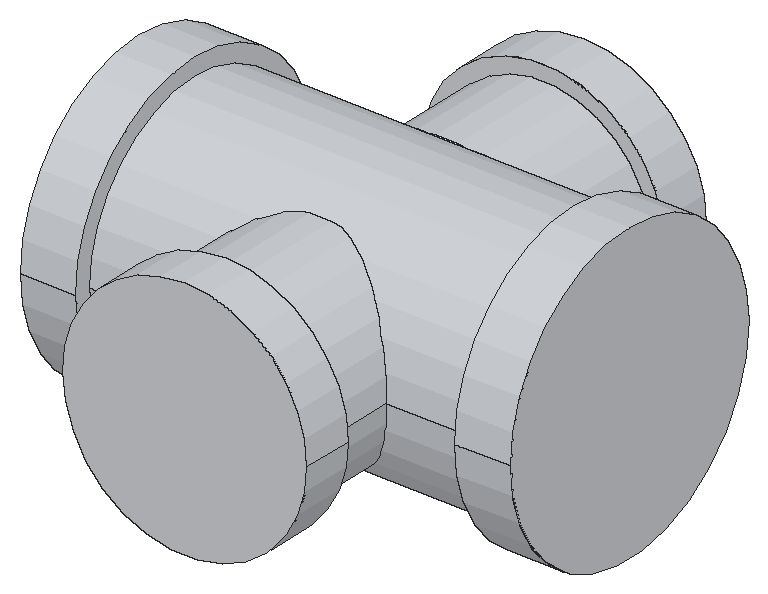
Revit family "M_Cross Reducing - Threaded - MI - Class 150", category Pipe Fittings, Revit 2014
Parameters (values of type "Standard")
  Tick Size 4 [instance] = Fitting Outside Diameter 4 * 0.4  # 10.656 mm
  Tick Size 3 [instance] = Fitting Outside Diameter 3 * 0.4  # 10.656 mm
  Tick Size 2 [instance] = Fitting Outside Diameter 2 * 0.4  # 13.12 mm
  Tick Size 1 [instance] = Fitting Outside Diameter 1 * 0.4  # 13.12 mm
  Max Band Outside Radius 12 [instance] = if(Band Outside Radius 1 > Band Outside Radius 2, Band Outside Radius 1, Band Outside Radius 2)  # 18.5 mm
  Nominal Radius 4 [instance] = 7.5 mm
  Nominal Radius 3 [instance] = 7.5 mm
  Nominal Radius 2 [instance] = 10 mm
  Nominal Radius 1 [instance] = 10 mm
  Nominal Diameter 4 [instance] = Nominal Radius 4 * 2  # 15 mm
  Nominal Diameter 3 [instance] = Nominal Radius 3 * 2  # 15 mm
  Nominal Diameter 2 [instance] = Nominal Radius 2 * 2  # 20 mm
  Nominal Diameter 1 [instance] = Nominal Radius 1 * 2  # 20 mm
  Metal Thickness 4 [instance] = size_lookup(Lookup Table Name, "MThk", 0.04 * Nominal Diameter 4 + 2.183 mm, Nominal Diameter 4)  # 2.67 mm
  Metal Thickness 3 [instance] = size_lookup(Lookup Table Name, "MThk", 0.04 * Nominal Diameter 3 + 2.183 mm, Nominal Diameter 3)  # 2.67 mm
  Metal Thickness 2 [instance] = size_lookup(Lookup Table Name, "MThk", 0.04 * Nominal Diameter 2 + 2.183 mm, Nominal Diameter 2)  # 3.05 mm
  Metal Thickness 1 [instance] = size_lookup(Lookup Table Name, "MThk", 0.04 * Nominal Diameter 1 + 2.183 mm, Nominal Diameter 1)  # 3.05 mm
  Lookup Table Name = "M_Cross Reducing - Threaded - MI - Class 150"
  Length 2 [instance] = Length Label 3 - Band Width 4  # 24.7 mm
  Length 1 [instance] = Length Label 2 - Band Width 3  # 24.7 mm
  Length Label 3 [instance] = if(not(Angle 2 = 90.00°), if(not(Center to End 2 < C4 Length 4), Center to End 2, C4 Length 4), Center to End 2)  # 31 mm
  Length Label 2 [instance] = if(not(Angle 1 = 90.00°), if(not(Center to End 2 < C3 Length 4), Center to End 2, C3 Length 4), Center to End 2)  # 31 mm
  Length Label 1 [instance] = if(or(not(Angle 1 = 90.00°), not(Angle 2 = 90.00°)), if(not(Center to End 1 < C1 Length 9), Center to End 1, C1 Length 9), Center to End 1)  # 30.5 mm
  C4 Length 4 [instance] = if(Angle 2 < 90.00°, C4 Length 1, if(Angle 2 = 90.00°, C4 Length 2, C4 Length 3))  # 37.3 mm
  C4 Length 3 [instance] = if(Angle 2 > 90.00°, Max Band Outside Radius 12 / sin(180.00° - Angle 2) + Band Outside Radius 4 / tan(180.00° - Angle 2), 0 mm) + Band Width 4  # 6.3 mm
  C4 Length 2 [instance] = if(Angle 2 = 90.00°, Center to End 2, 0 mm) + Band Width 4  # 37.3 mm
  C4 Length 1 [instance] = if(Angle 2 < 90.00°, Max Band Outside Radius 12 / sin(Angle 2) + Band Outside Radius 4 / tan(Angle 2), 0 mm) + Band Width 4  # 6.3 mm
  C3 Length 4 [instance] = if(Angle 1 < 90.00°, C3 Length 1, if(Angle 1 = 90.00°, C3 Length 2, C3 Length 3))  # 37.3 mm
  C3 Length 3 [instance] = if(Angle 1 > 90.00°, Max Band Outside Radius 12 / sin(180.00° - Angle 1) + Band Outside Radius 3 / tan(180.00° - Angle 1), 0 mm) + Band Width 3  # 6.3 mm
  C3 Length 2 [instance] = if(Angle 1 = 90.00°, Center to End 2, 0 mm) + Band Width 3  # 37.3 mm
  C3 Length 1 [instance] = if(Angle 1 < 90.00°, Max Band Outside Radius 12 / sin(Angle 1) + Band Outside Radius 3 / tan(Angle 1), 0 mm) + Band Width 3  # 6.3 mm
  C1 Length 9 [instance] = if(C1 Length 8 > C1 Length 4, C1 Length 8, C1 Length 4)  # 37.4 mm
  C1 Length 8 [instance] = if(Angle 2 < 90.00°, C1 Length 5, if(Angle 2 = 90.00°, C1 Length 6, C1 Length 7))  # 37.4 mm
  C1 Length 7 [instance] = if(Angle 2 > 90.00°, Max Band Outside Radius 12 / tan(180.00° - Angle 2) + Band Outside Radius 4 / sin(180.00° - Angle 2), 0 mm) + Max Band Width 12  # 6.9 mm
  C1 Length 6 [instance] = if(Angle 2 = 90.00°, Center to End 1, 0 mm) + Max Band Width 12  # 37.4 mm
  C1 Length 5 [instance] = if(Angle 2 < 90.00°, Max Band Outside Radius 12 / tan(Angle 2) + Band Outside Radius 4 / sin(Angle 2), 0 mm) + Max Band Width 12  # 6.9 mm
  C1 Length 4 [instance] = if(Angle 1 < 90.00°, C1 Length 1, if(Angle 1 = 90.00°, C1 Length 2, C1 Length 3))  # 37.4 mm
  C1 Length 3 [instance] = if(Angle 1 > 90.00°, Max Band Outside Radius 12 / tan(180.00° - Angle 1) + Band Outside Radius 3 / sin(180.00° - Angle 1), 0 mm) + Max Band Width 12  # 6.9 mm
  C1 Length 2 [instance] = if(Angle 1 = 90.00°, Center to End 1, 0 mm) + Max Band Width 12  # 37.4 mm
  C1 Length 1 [instance] = if(Angle 1 < 90.00°, Max Band Outside Radius 12 / tan(Angle 1) + Band Outside Radius 3 / sin(Angle 1), 0 mm) + Max Band Width 12  # 6.9 mm
  Fitting Outside Radius 4 [instance] = Fitting Outside Diameter 4 / 2  # 13.32 mm
  Fitting Outside Radius 3 [instance] = Fitting Outside Diameter 3 / 2  # 13.32 mm
  Fitting Outside Radius 2 [instance] = Fitting Outside Diameter 2 / 2  # 16.4 mm
  Fitting Outside Radius 1 [instance] = Fitting Outside Diameter 1 / 2  # 16.4 mm
  Fitting Outside Diameter 4 [instance] = Fitting Inside Diameter 4 + Metal Thickness 4 * 2  # 26.64 mm
  Fitting Outside Diameter 3 [instance] = Fitting Inside Diameter 3 + Metal Thickness 3 * 2  # 26.64 mm
  Fitting Outside Diameter 2 [instance] = Fitting Inside Diameter 2 + Metal Thickness 2 * 2  # 32.8 mm
  Fitting Outside Diameter 1 [instance] = Fitting Inside Diameter 1 + Metal Thickness 1 * 2  # 32.8 mm
  Fitting Inside Diameter 4 [instance] = size_lookup(Lookup Table Name, "FID", 1.08 * Nominal Diameter 4 + 5.159 mm, Nominal Diameter 4)  # 21.3 mm
  Fitting Inside Diameter 3 [instance] = size_lookup(Lookup Table Name, "FID", 1.08 * Nominal Diameter 3 + 5.159 mm, Nominal Diameter 3)  # 21.3 mm
  Fitting Inside Diameter 2 [instance] = size_lookup(Lookup Table Name, "FID", 1.08 * Nominal Diameter 2 + 5.159 mm, Nominal Diameter 2)  # 26.7 mm
  Fitting Inside Diameter 1 [instance] = size_lookup(Lookup Table Name, "FID", 1.08 * Nominal Diameter 1 + 5.159 mm, Nominal Diameter 1)  # 26.7 mm
  Max Nominal Diameter 34 [instance] = if(Nominal Diameter 3 > Nominal Diameter 4, Nominal Diameter 3, Nominal Diameter 4)  # 15 mm
  Max Nominal Diameter 12 [instance] = if(Nominal Diameter 1 > Nominal Diameter 2, Nominal Diameter 1, Nominal Diameter 2)  # 20 mm
  Center to End 2 [instance] = size_lookup(Lookup Table Name, "CtE2", 18.157 mm + 0.55 * Max Nominal Diameter 12 + 0.24 * Max Nominal Diameter 34, Nominal Diameter 1, Nominal Diameter 2, Nominal Diameter 3, Nominal Diameter 4)  # 31 mm
  Center to End 1 [instance] = size_lookup(Lookup Table Name, "CtE1", 18.157 mm + 0.24 * Max Nominal Diameter 12 + 0.55 * Max Nominal Diameter 34, Nominal Diameter 1, Nominal Diameter 2, Nominal Diameter 3, Nominal Diameter 4)  # 30.5 mm
  Max Band Width 12 [instance] = if(Band Width 1 > Band Width 2, Band Width 1, Band Width 2)  # 6.9 mm
  Band Width 4 [instance] = size_lookup(Lookup Table Name, "BWid", 0.12 * Nominal Diameter 4 + 4.465 mm, Nominal Diameter 4)  # 6.3 mm
  Band Width 3 [instance] = size_lookup(Lookup Table Name, "BWid", 0.12 * Nominal Diameter 3 + 4.465 mm, Nominal Diameter 3)  # 6.3 mm
  Band Width 2 [instance] = size_lookup(Lookup Table Name, "BWid", 0.12 * Nominal Diameter 2 + 4.465 mm, Nominal Diameter 2)  # 6.9 mm
  Band Width 1 [instance] = size_lookup(Lookup Table Name, "BWid", 0.12 * Nominal Diameter 1 + 4.465 mm, Nominal Diameter 1)  # 6.9 mm
  Band Outside Radius 4 [instance] = Band Outside Diameter 4 / 2  # 15.2 mm
  Band Outside Radius 3 [instance] = Band Outside Diameter 3 / 2  # 15.2 mm
  Band Outside Radius 2 [instance] = Band Outside Diameter 2 / 2  # 18.5 mm
  Band Outside Radius 1 [instance] = Band Outside Diameter 1 / 2  # 18.5 mm
  Band Outside Diameter 4 [instance] = size_lookup(Lookup Table Name, "BOD", 1.23 * Nominal Diameter 4 + 12.402 mm, Nominal Diameter 4)  # 30.4 mm
  Band Outside Diameter 3 [instance] = size_lookup(Lookup Table Name, "BOD", 1.23 * Nominal Diameter 3 + 12.402 mm, Nominal Diameter 3)  # 30.4 mm
  Band Outside Diameter 2 [instance] = size_lookup(Lookup Table Name, "BOD", 1.23 * Nominal Diameter 2 + 12.402 mm, Nominal Diameter 2)  # 37 mm
  Band Outside Diameter 1 [instance] = size_lookup(Lookup Table Name, "BOD", 1.23 * Nominal Diameter 1 + 12.402 mm, Nominal Diameter 1)  # 37 mm
  Angle 2 [instance] = 90.00°
  Angle 1 [instance] = 90.00°
Reference planes
  plane 1 "Center (Front/Back)": y = 0
  plane 2: z = 0
  plane 3 "Center (Left/Right)": x = 0
  plane 4: x = -30.5
  plane 5: x = 30.5
  plane 6: x = -23.6
  plane 7: x = 23.6
  plane 8: y = 13.12
  plane 9: y = -13.12
  plane 10: y = 13.12
  plane 11: y = -13.12
Forms (mm)
  Blend 1, solid, detail levels fine
    base sketch origin (0, 0, 0) x (0, 1, 0) y (0, 0, 1)
      loop
        circle (0, 0) r 16.4
    top sketch origin (0, 0, 0) x (0, 1, 0) y (0, 0, 1)
      loop
        circle (0, 0) r 16.4
    from -23.6 to 23.6
  Sweep 2, solid, detail levels fine
    path in 3D
      loop
        line (-30.5, 0, 0) -> (-23.6, 0, 0)
    profile origin (-27.05, 0, 0) x (0, 1, 0) y (0, 0, 1)
      loop
        circle (0, 0) r 18.5
  Sweep 3, solid, detail levels fine
    path in 3D
      loop
        line (23.6, 0, 0) -> (30.5, 0, 0)
    profile origin (27.05, 0, 0) x (0, 1, 0) y (0, 0, 1)
      loop
        circle (0, 0) r 18.5
  Sweep 4, solid, detail levels fine
    path in 3D
      loop
        line (0, 0, 0) -> (0, -24.7, 0)
    profile origin (0, -12.35, 0) x (1, 0, 0) y (0, 0, 1)
      loop
        circle (0, 0) r 13.32
  Sweep 5, solid, detail levels fine
    path in 3D
      loop
        line (0, -24.7, 0) -> (0, -31, 0)
    profile origin (0, -27.85, 0) x (1, 0, 0) y (0, 0, 1)
      loop
        circle (0, 0) r 15.2
  Sweep 6, solid, detail levels fine
    path in 3D
      loop
        line (0, 0, 0) -> (0, 24.7, 0)
    profile origin (0, 12.35, 0) x (-1, 0, 0) y (0, 0, 1)
      loop
        circle (0, 0) r 13.32
  Sweep 7, solid, detail levels fine
    path in 3D
      loop
        line (0, 24.7, 0) -> (0, 31, 0)
    profile origin (0, 27.85, 0) x (-1, 0, 0) y (0, 0, 1)
      loop
        circle (0, 0) r 15.2
Cuts and joins
  joined: Blend 1, Sweep 2, Sweep 3, Sweep 4, Sweep 5, Sweep 6, Sweep 7
Lines and regions (mm)
  model lines, detail levels coarse+medium
    curve 1: line (-30.5, 0, 0) -> (-23.6, 0, 0)
    curve 2: line (23.6, 0, 0) -> (30.5, 0, 0)
    curve 3: line (-23.6, 0, 0) -> (23.6, 0, 0)
    curve 6: line (0, 0, 0) -> (0, -24.7, 0)
    curve 8: line (0, -24.7, 0) -> (0, -31, 0)
    curve 10: line (0, 0, 0) -> (0, 24.7, 0)
    curve 12: line (0, 24.7, 0) -> (0, 31, 0)
    curve 16: line (-30.5, 13.12, 0) -> (-30.5, -13.12, 0)
    curve 17: line (30.5, 13.12, 0) -> (30.5, -13.12, 0)
    curve 18: line (0, -31, 0) -> (10.656, -31, 0)
    curve 19: line (0, -31, 0) -> (-10.656, -31, 0)
    curve 20: line (0, 31, 0) -> (10.656, 31, 0)
    curve 21: line (0, 31, 0) -> (-10.656, 31, 0)
  sketch lines
    curve 4: line (-30.5, 0, 0) -> (-23.6, 0, 0)
    curve 5: line (23.6, 0, 0) -> (30.5, 0, 0)
    curve 7: line (0, 0, 0) -> (0, -24.7, 0)
    curve 9: line (0, -24.7, 0) -> (0, -31, 0)
    curve 11: line (0, 0, 0) -> (0, 24.7, 0)
    curve 13: line (0, 24.7, 0) -> (0, 31, 0)
  reference lines
    curve 14: line (-30.5, 0, 0) -> (-23.6, 0, 0)
    curve 15: line (23.6, 0, 0) -> (30.5, 0, 0)
    curve 22: line (0, 0, 0) -> (0, 31, 0)
    curve 23: line (0, 31, 0) -> (0, 24.7, 0)
    curve 24: line (0, 0, 0) -> (0, -31, 0)
    curve 25: line (0, -31, 0) -> (0, -24.7, 0)
Dimensions and locks
  "Band Width 1": plane 4 to plane 6
  "Band Width 2": plane 7 to plane 5
  "Length Label 1": plane 4 to plane 3 "Center (Left/Right)"
  "Length Label 1": plane 3 "Center (Left/Right)" to plane 5
  "Length 1": curve 6 to curve 6
  "Band Width 3": curve 8 to curve 8
  "Length 2": curve 10 to curve 10
  "Band Width 4": curve 12 to curve 12
  "Tick Size 3": curve 18 to curve 18
  "Tick Size 3": curve 19 to curve 19
  "Tick Size 4": curve 20 to curve 20
  "Tick Size 4": curve 21 to curve 21
  "Tick Size 2": plane 10 to plane 1 "Center (Front/Back)"
  "Tick Size 2": plane 1 "Center (Front/Back)" to plane 11
  "Tick Size 1": plane 8 to plane 1 "Center (Front/Back)"
  "Tick Size 1": plane 1 "Center (Front/Back)" to plane 9
  "Length Label 3": curve 22 to curve 22
  "Length Label 2": curve 24 to curve 24
  "Fitting Outside Radius 1": radius of Blend 1 sketch curve
  "Fitting Outside Radius 2": radius of Blend 1 sketch curve
  "Band Outside Radius 1": radius of Sweep 2 sketch curve
  "Band Outside Radius 2": radius of Sweep 3 sketch curve
  "Fitting Outside Radius 3": radius of Sweep 4 sketch curve
  "Band Outside Radius 3": radius of Sweep 5 sketch curve
  "Fitting Outside Radius 4": radius of Sweep 6 sketch curve
  "Band Outside Radius 4": radius of Sweep 7 sketch curve
  "Angle 1": angle curve 6 to plane 1 "Center (Front/Back)"
  "Angle 1": angle curve 8 to plane 1 "Center (Front/Back)"
  "Angle 2": angle plane 1 "Center (Front/Back)" to curve 10
  "Angle 2": angle plane 1 "Center (Front/Back)" to curve 12
  locked: curve 18 to curve 8 (angle 90.00°)
  locked: curve 8 to curve 19 (angle 90.00°)
  locked: curve 12 to curve 20 (angle 90.00°)
  locked: curve 21 to curve 12 (angle 90.00°)
  "Angle 2": angle plane 1 "Center (Front/Back)" to curve 22
  "Angle 2": angle plane 1 "Center (Front/Back)" to curve 23
  "Angle 1": angle curve 24 to plane 1 "Center (Front/Back)"
  "Angle 1": angle curve 25 to plane 1 "Center (Front/Back)"
  aligned and locked: plane 4 to curve 1
  aligned and locked: plane 1 "Center (Front/Back)" to curve 1
  aligned and locked: plane 5 to curve 2
  aligned and locked: plane 6 to curve 3
  aligned and locked: plane 7 to curve 3
  aligned and locked: plane 1 "Center (Front/Back)" to curve 3
  aligned and locked: plane 2 to Blend 1 sketch curve  (x2)
  aligned and locked: plane 1 "Center (Front/Back)" to Blend 1 sketch curve  (x2)
  aligned and locked: Blend 1 to plane 6
  aligned and locked: plane 7 to Blend 1
  aligned and locked: plane 3 "Center (Left/Right)" to curve 6
  aligned and locked: plane 1 "Center (Front/Back)" to curve 10
  aligned and locked: plane 3 "Center (Left/Right)" to curve 10
  aligned and locked: plane 4 to curve 14
  aligned and locked: plane 1 "Center (Front/Back)" to curve 14
  aligned and locked: plane 5 to curve 15
  aligned and locked: plane 1 "Center (Front/Back)" to curve 15
  aligned and locked: plane 8 to curve 16
  aligned and locked: curve 16 to plane 9
  aligned and locked: curve 16 to plane 4
  aligned and locked: plane 10 to curve 17
  aligned and locked: plane 11 to curve 17
  aligned and locked: curve 17 to plane 5
  aligned and locked: plane 1 "Center (Front/Back)" to curve 24
  aligned and locked: plane 3 "Center (Left/Right)" to curve 24
Automatic sketch dimensions
  Sweep 2 sketch curve to profile plane = 0 mm  (x2)
  Sweep 3 sketch curve to profile plane = 0 mm  (x2)
  Sweep 4 sketch curve to profile plane = 0 mm  (x2)
  Sweep 5 sketch curve to profile plane = 0 mm  (x2)
  Sweep 6 sketch curve to profile plane = 0 mm  (x2)
  Sweep 7 sketch curve to profile plane = 0 mm  (x2)
  curve 14 to plane 6 = 0 mm
  curve 15 to plane 7 = 0 mm
Connectors
  piping at (-30.5, 0, 0), diameter 20, driven by "Nominal Radius 1"
    settings: on cut or joined group of Blend 1, Sweep 2, Sweep 3, Sweep 4, Sweep 5, Sweep 6, Sweep 7, index 1, connector inside diameter 20 mm, connector length 0 mm, flow factor 0, pipe flow 0.0 L/s, pressure drop 0.0 Pa, fitting loss kfactor 0, connector angle 0.00°, fixture units 0, engagement length 0 mm, angle of deflection 0.00°, flow configuration 0, flow direction 0, fitting loss method 0, system type 28, joint type 0, gender type 0, connector reference index 2, connector utility 0, adjustable connector no, is connector primary yes, connector description ""
  piping at (30.5, 0, 0), diameter 20, driven by "Nominal Radius 2"
    settings: on cut or joined group of Blend 1, Sweep 2, Sweep 3, Sweep 4, Sweep 5, Sweep 6, Sweep 7, index 2, connector inside diameter 20 mm, connector length 0 mm, flow factor 0, pipe flow 0.0 L/s, pressure drop 0.0 Pa, fitting loss kfactor 0, connector angle 0.00°, fixture units 0, engagement length 0 mm, angle of deflection 0.00°, flow configuration 0, flow direction 0, fitting loss method 0, system type 28, joint type 0, gender type 0, connector reference index 1, connector utility 0, adjustable connector no, is connector primary no, connector description ""
  piping at (0, -31, 0), diameter 15, driven by "Nominal Radius 3", driven by "Angle 1"
    settings: on cut or joined group of Blend 1, Sweep 2, Sweep 3, Sweep 4, Sweep 5, Sweep 6, Sweep 7, index 3, connector inside diameter 15 mm, connector length 0 mm, flow factor 0, pipe flow 0.0 L/s, pressure drop 0.0 Pa, fitting loss kfactor 0, connector angle 90.00°, fixture units 0, engagement length 0 mm, angle of deflection 0.00°, flow configuration 0, flow direction 0, fitting loss method 0, system type 28, joint type 0, gender type 0, connector reference index 4, connector utility 0, adjustable connector no, is connector primary no, connector description ""
  piping at (0, 31, 0), diameter 15, driven by "Nominal Radius 4", driven by "Angle 2"
    settings: on cut or joined group of Blend 1, Sweep 2, Sweep 3, Sweep 4, Sweep 5, Sweep 6, Sweep 7, index 4, connector inside diameter 15 mm, connector length 0 mm, flow factor 0, pipe flow 0.0 L/s, pressure drop 0.0 Pa, fitting loss kfactor 0, connector angle 90.00°, fixture units 0, engagement length 0 mm, angle of deflection 0.00°, flow configuration 0, flow direction 0, fitting loss method 0, system type 28, joint type 0, gender type 0, connector reference index 3, connector utility 0, adjustable connector no, is connector primary no, connector description ""
